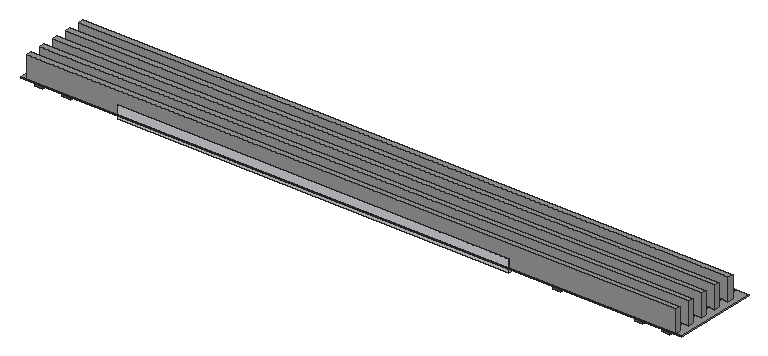
Revit family "1114-5, Veneer", category Generic Models, host Face, Revit 2020
Family settings
  Host = Face
  Can host rebar = No
  Round Connector Dimension = Use Diameter
  Part Type = Normal
  Cut with Voids When Loaded = No
  Shared = No
  Room Calculation Point = No
Parameters
  min_value [instance] = 1' - 11 1/4"  # constant formula
  max_value [instance] = 9' - 11 1/4"  # constant formula
  actual_value [instance] = if(NET LENGTH < min_value, min_value, if(NET LENGTH > max_value, max_value, NET LENGTH))  # 7' - 11 1/4"
  SCRIM MATERIAL [instance] = SCRIM
  SCRIM [instance] = yes
  NET LENGTH [instance] = 7' - 11 1/4"
  Default Elevation = 4' - 0"
  BACKER MATERIAL [instance] = BLACK-BACKERS
  .. MEMBER WIDTH [instance] = 0' - 0 3/4"  # constant formula
  .. MEMBER MATERIAL [instance] = Veneer Cherry
  .. MEMBER LENGTH [instance] = actual_value  # 7' - 11 1/4"
  .. MEMBER DEPTH [instance] = 0' - 3 1/4"  # constant formula
  .. MEMBER COUNT [instance] = 5  # constant formula
  IMPORTANT NOTE!!!                                                                             *Backer layout is for visualization purposes only, final layout to be determined by 9Wood. [instance] = ""
Reference planes (in)
  plane 1 "Center (Front/Back)": y = 0
  plane 2: z = 1.82209
  plane 3 "Center (Left/Right)": x = 0
Forms (in)
  Extrusion 1, solid
    sketch origin (132, -33.80483, 0) x (1, 0, 0) y (0, 1, 0)
      loop
        line (-118.625, 33.80483) -> (-61.26146, 33.80483) -> (-61.26146, 45.86733) -> (-118.625, 45.86733) -> (-118.625, 33.80483)
    from 1.82209 to 0
Dimensions and locks (in)
  aligned and locked: Extrusion 1 to plane 2
  aligned and locked: plane 3 "Center (Left/Right)" to nested 1
Nested families (in)
  nested 1: "1100 SERIES CONFIG" at (0, 2, 0), .. MEMBER DEPTH <- ".. MEMBER DEPTH", .. MEMBER LENGTH <- ".. MEMBER LENGTH", .. MEMBER WIDTH <- ".. MEMBER WIDTH", .. MEMBER MATERIAL <- ".. MEMBER MATERIAL", BACKING M MATERIAL <- "BACKER MATERIAL", SCRIM  MATERIAL <- "SCRIM MATERIAL", .. MEMBER COUNT <- ".. MEMBER COUNT", SCRIM <- "SCRIM", type "1100 SERIES CONFIG"
    with X 7' - 8", SCRIM OVERHANG 2 0' - 0 3/32", SCRIM OVERHANG 0' - 0 7/8", SCRIM LENGTH 8' - 1", SCRIM  MATERIAL SCRIM, SCRIM yes, NOMINAL LENGTH 7, N 8, Inset 6' - 0 3/8", INSET 0' - 1", INDEX 0' - 5 5/8", HALF MEMBER WIDTH 0' - 0 3/8", HALF LENGTH 3' - 11 5/8", END BACKER yes, BACKING M WIDTH 0' - 1 1/4", BACKING M OC SPACING 1' - 0", BACKING M MATERIAL BLACK-BACKERS, BACKING M LENGTH 0' - 11 7/8", BACKING M DEPTH 0' - 0 1/2", BACKING M COUNT 8, 3/16" INSET 0' - 0 3/16", .. MEMBER WIDTH 0' - 0 3/4", .. MEMBER OC SPACING 0' - 2.4", .. MEMBER MATERIAL Veneer Cherry, .. MEMBER LENGTH 7' - 11 1/4", .. MEMBER DEPTH 0' - 3 1/4", .. MEMBER COUNT 5
Definition of nested family "1100 SERIES CONFIG"
  Parameters (values of type "1100 SERIES CONFIG")
    X [instance] = .. MEMBER LENGTH - 0' 3 1/4"  # 5' - 5"
    SCRIM OVERHANG 2 [instance] = 0' - 0 3/32"  # constant formula
    SCRIM OVERHANG [instance] = 0' - 0 7/8"  # constant formula
    SCRIM LENGTH [instance] = .. MEMBER LENGTH + (SCRIM OVERHANG * 2)  # 5' - 10"
    SCRIM  MATERIAL [instance] = none
    SCRIM [instance] = yes
    NOMINAL LENGTH [instance] = 7
    N [instance] = if((X - (rounddown(X / 1' 0") * 1' 0")) > 1' 0", rounddown(X / 1' 0") + 2, rounddown(X / 1' 0") + 1)  # 6
    Inset [instance] = 6' - 0 3/8"  # constant formula
    INSET [instance] = 0' - 1"  # constant formula
    END BACKER [instance] = INDEX > 0' 3 5/8"  # yes
    INDEX [instance] = (.. MEMBER LENGTH - ((N - 1) * 1' 0")) / 2  # 0' - 4 1/8"
    HALF MEMBER WIDTH [instance] = .. MEMBER WIDTH / 2  # 0' - 0 5/16"
    HALF LENGTH [instance] = .. MEMBER LENGTH / 2  # 2' - 10 1/8"
    Default Elevation = 0' - 0"
    BACKING M WIDTH [instance] = 0' - 1 1/4"
    BACKING M SPACING = 3' - 3"
    BACKING M MATERIAL [instance] = none
    BACKING M LENGTH [instance] = 0' - 11 7/8"
    BACKING M DEPTH [instance] = 0' - 0 1/2"
    BACKING M COUNT [instance] = N  # 6
    BACKING M OC SPACING [instance] = 1' - 0"  # constant formula
    3/16" INSET [instance] = 0' - 0 3/16"  # constant formula
    .. MEMBER WIDTH [instance] = 0' - 0 5/8"
    .. MEMBER OC SPACING [instance] = 1' 0" / .. MEMBER COUNT  # 0' - 4"
    .. MEMBER MATERIAL [instance] = none
    .. MEMBER LENGTH [instance] = 5' - 8 1/4"
    .. MEMBER DEPTH [instance] = 0' - 1 3/8"
    .. MEMBER COUNT [instance] = 3
  Reference planes (in)
    plane 1 "Center (Front/Back)": y = -2
    plane 2: z = 0
    plane 3 "Center (Left/Right)": x = 0
    plane 4: x = 1
    plane 5: x = 4.125
    plane 6: x = 34.125
    plane 7: x = 68.25
    plane 8: x = 67.25
    plane 9: x = 16.125
    plane 10: y = -1.8125
    plane 11: y = -1.6875
    plane 12: y = 2.3125
    plane 13: x = 69.125
    plane 14: x = -0.875
    plane 15: z = 0.5
    plane 16: z = 0.5625
    plane 17: y = 10.0625
    plane 18: y = 10.15625
    plane 19: y = -2.09375
  Dimensions and locks (in)
    "INSET": plane 3 "Center (Left/Right)" to plane 4
    "INDEX": plane 3 "Center (Left/Right)" to plane 5
    "HALF LENGTH": plane 3 "Center (Left/Right)" to plane 6
    ".. MEMBER LENGTH": plane 3 "Center (Left/Right)" to plane 7
    "INSET": plane 8 to plane 7
    equal spacing: group 2, group 3, group 6, group 7, group 8, group 9  (x3)
    "3/16" INSET": plane 1 "Center (Front/Back)" to plane 10
    ".. MEMBER OC SPACING": plane 12 to plane 11
    "SCRIM OVERHANG": plane 14 to plane 3 "Center (Left/Right)"
    "SCRIM OVERHANG": plane 7 to plane 13
    equal spacing: group 1, group 4, group 5  (x2)
    equal spacing: group 5, group 4, group 1
    "HALF MEMBER WIDTH": plane 1 "Center (Front/Back)" to plane 11
    "BACKING M OC SPACING": plane 5 to plane 9
    "SCRIM OVERHANG 2": plane 18 to plane 17
    "SCRIM OVERHANG 2": plane 19 to plane 1 "Center (Front/Back)"
    aligned and locked: level to plane 2
    aligned and locked: plane 6 to nested 1
    aligned and locked: nested 2 to plane 4
    aligned and locked: plane 5 to nested 3
    aligned and locked: plane 1 "Center (Front/Back)" to nested 1
    aligned and locked: nested 2 to plane 10
    aligned and locked: nested 3 to plane 10
    aligned and locked: nested 5 to plane 10
    aligned and locked: nested 4 to plane 10
    aligned and locked: nested 6 to plane 14
    aligned and locked: plane 12 to nested 7
    aligned and locked: nested 7 to plane 3 "Center (Left/Right)"
    aligned and locked: plane 9 to nested 5
    aligned and locked: plane 8 to nested 4
    aligned and locked: plane 15 to nested 2
    aligned and locked: nested 6 to plane 15
    aligned and locked: nested 1 to plane 16
    aligned and locked: nested 7 to plane 16
    aligned and locked: nested 6 to plane 19
  Nested families (in)
    nested 1: "INSTANCE - Parametric Cube" at (34.125, -1.6875, 1.9375), Length <- ".. MEMBER WIDTH", Height <- ".. MEMBER DEPTH", Width <- ".. MEMBER LENGTH", Material <- ".. MEMBER MATERIAL", type "INSTANCE - Parametric Cube"
      with Width 5' - 8 1/4", Material none, Length 0' - 0 5/8", Height 0' - 1 3/8"
    nested 2: "2ND INSTANCE - Parametric Cube" at (1.625, 4.125, 0), Height <- "BACKING M DEPTH", Length <- "BACKING M LENGTH", Width <- "BACKING M WIDTH", Material <- "BACKING M MATERIAL", visible <- "END BACKER", type "2ND INSTANCE - Parametric Cube"
      with Width 0' - 1 1/4", Material none, Length 0' - 11 7/8", Height 0' - 0 1/2"
    nested 3: "2ND INSTANCE - Parametric Cube" at (4.125, 4.125, 0), Length <- "BACKING M LENGTH", Height <- "BACKING M DEPTH", Width <- "BACKING M WIDTH", Material <- "BACKING M MATERIAL", type "2ND INSTANCE - Parametric Cube"
      with Width 0' - 1 1/4", Material none, Length 0' - 11 7/8", Height 0' - 0 1/2"
    nested 4: "2ND INSTANCE - Parametric Cube" at (66.625, 4.125, 0), Width <- "BACKING M WIDTH", Length <- "BACKING M LENGTH", Height <- "BACKING M DEPTH", Material <- "BACKING M MATERIAL", visible <- "END BACKER", type "2ND INSTANCE - Parametric Cube"
      with Width 0' - 1 1/4", Material none, Length 0' - 11 7/8", Height 0' - 0 1/2"
    nested 5: "2ND INSTANCE - Parametric Cube" at (16.125, 4.125, 0), Length <- "BACKING M LENGTH", Height <- "BACKING M DEPTH", Width <- "BACKING M WIDTH", Material <- "BACKING M MATERIAL", type "2ND INSTANCE - Parametric Cube"
      with Width 0' - 1 1/4", Material none, Length 0' - 11 7/8", Height 0' - 0 1/2"
    nested 6: "3RD INSTANCE - Parametric Cube" at (34.125, 4.0445, 0.5), Width <- "SCRIM LENGTH", Material <- "SCRIM  MATERIAL", visible <- "SCRIM", type "3RD INSTANCE - Parametric Cube"
      with Width 5' - 10", Material none, Length 1' - 0.27649", Height 0' - 0 1/16"
    nested 7: "INSTANCE - Parametric Cube" at (34.125, 2.3125, 1.9375), Length <- ".. MEMBER WIDTH", Height <- ".. MEMBER DEPTH", Width <- ".. MEMBER LENGTH", Material <- ".. MEMBER MATERIAL", type "INSTANCE - Parametric Cube"
      with Width 5' - 8 1/4", Material none, Length 0' - 0 5/8", Height 0' - 1 3/8"
    nested 8: "INSTANCE - Parametric Cube" at (34.125, 6.3125, 1.9375), Length <- ".. MEMBER WIDTH", Height <- ".. MEMBER DEPTH", Width <- ".. MEMBER LENGTH", Material <- ".. MEMBER MATERIAL", type "INSTANCE - Parametric Cube"
      with Width 5' - 8 1/4", Material none, Length 0' - 0 5/8", Height 0' - 1 3/8"
    nested 9: "2ND INSTANCE - Parametric Cube" at (28.125, 4.125, 0), Length <- "BACKING M LENGTH", Height <- "BACKING M DEPTH", Width <- "BACKING M WIDTH", Material <- "BACKING M MATERIAL", type "2ND INSTANCE - Parametric Cube"
      with Width 0' - 1 1/4", Material none, Length 0' - 11 7/8", Height 0' - 0 1/2"
    nested 10: "2ND INSTANCE - Parametric Cube" at (40.125, 4.125, 0), Length <- "BACKING M LENGTH", Height <- "BACKING M DEPTH", Width <- "BACKING M WIDTH", Material <- "BACKING M MATERIAL", type "2ND INSTANCE - Parametric Cube"
      with Width 0' - 1 1/4", Material none, Length 0' - 11 7/8", Height 0' - 0 1/2"
    nested 11: "2ND INSTANCE - Parametric Cube" at (52.125, 4.125, 0), Length <- "BACKING M LENGTH", Height <- "BACKING M DEPTH", Width <- "BACKING M WIDTH", Material <- "BACKING M MATERIAL", type "2ND INSTANCE - Parametric Cube"
      with Width 0' - 1 1/4", Material none, Length 0' - 11 7/8", Height 0' - 0 1/2"
    nested 12: "2ND INSTANCE - Parametric Cube" at (64.125, 4.125, 0), Length <- "BACKING M LENGTH", Height <- "BACKING M DEPTH", Width <- "BACKING M WIDTH", Material <- "BACKING M MATERIAL", type "2ND INSTANCE - Parametric Cube"
      with Width 0' - 1 1/4", Material none, Length 0' - 11 7/8", Height 0' - 0 1/2"
  Definition of nested family "INSTANCE - Parametric Cube"
    Parameters (values of type "INSTANCE - Parametric Cube")
      Width [instance] = 0' - 6"
      Material [instance] = none
      Length [instance] = 1' - 0"
      Height [instance] = 1' - 6"
      Default Elevation = 0' - 0"
    Reference planes (in)
      plane 1 "Center (Front/Back)": y = 0
      plane 2: z = 0
      plane 3 "Center (Left/Right)": x = 0
      plane 4: x = -3
      plane 5: x = 3
      plane 6: y = 6
      plane 7: y = -6
      plane 8: z = -18
    Forms (in)
      Extrusion 1, solid, material <- "Material"
        sketch origin (0, 0, 0) x (1, 0, 0) y (0, 1, 0)
          loop
            line (-3, 6) -> (-3, -6) -> (3, -6) -> (3, 6) -> (-3, 6)
        from -18 to 0
    Dimensions and locks (in)
      equal spacing: plane 4, plane 3 "Center (Left/Right)", plane 5
      equal spacing: plane 6, plane 1 "Center (Front/Back)", plane 7
      "Length": plane 6 to plane 7
      "Width": plane 4 to plane 5
      "Height": plane 8 to level
      aligned and locked: plane 2 to level
      aligned and locked: Extrusion 1 sketch curve to plane 6
      aligned and locked: plane 4 to Extrusion 1 sketch curve
      aligned and locked: plane 7 to Extrusion 1 sketch curve
      aligned and locked: Extrusion 1 sketch curve to plane 5
      aligned and locked: Extrusion 1 to plane 8
  Definition of nested family "2ND INSTANCE - Parametric Cube"
    Parameters (values of type "2ND INSTANCE - Parametric Cube")
      Width [instance] = 0' - 6"
      Material [instance] = none
      Length [instance] = 1' - 0"
      Height [instance] = 1' - 6"
      Default Elevation = 0' - 0"
    Reference planes (in)
      plane 1 "Center (Front/Back)": y = 0
      plane 2: z = 0
      plane 3 "Center (Left/Right)": x = 0
      plane 4: x = -3
      plane 5: x = 3
      plane 6: y = 6
      plane 7: y = -6
      plane 8: z = 18
    Forms (in)
      Extrusion 1, solid, material <- "Material"
        sketch origin (0, 0, 0) x (1, 0, 0) y (0, 1, 0)
          loop
            line (-3, 6) -> (-3, -6) -> (3, -6) -> (3, 6) -> (-3, 6)
        from 0 to 18
    Dimensions and locks (in)
      equal spacing: plane 4, plane 3 "Center (Left/Right)", plane 5
      equal spacing: plane 6, plane 1 "Center (Front/Back)", plane 7
      "Length": plane 6 to plane 7
      "Width": plane 4 to plane 5
      "Height": level to plane 8
      aligned and locked: plane 2 to level
      aligned and locked: Extrusion 1 sketch curve to plane 6
      aligned and locked: plane 4 to Extrusion 1 sketch curve
      aligned and locked: plane 7 to Extrusion 1 sketch curve
      aligned and locked: Extrusion 1 sketch curve to plane 5
      aligned and locked: plane 8 to Extrusion 1
      aligned and locked: Extrusion 1 to level
  Definition of nested family "3RD INSTANCE - Parametric Cube"
    Parameters (values of type "3RD INSTANCE - Parametric Cube")
      Width [instance] = 0' - 6"
      Material [instance] = none
      Length [instance] = 1' - 0"
      Height [instance] = 1' - 6"
      Default Elevation = 0' - 0"
    Reference planes (in)
      plane 1 "Center (Front/Back)": y = 0
      plane 2: z = 0
      plane 3 "Center (Left/Right)": x = 0
      plane 4: x = -3
      plane 5: x = 3
      plane 6: y = 6
      plane 7: y = -6
      plane 8: z = 18
    Forms (in)
      Extrusion 1, solid, material <- "Material"
        sketch origin (0, 0, 0) x (1, 0, 0) y (0, 1, 0)
          loop
            line (-3, 6) -> (-3, -6) -> (3, -6) -> (3, 6) -> (-3, 6)
        from 0 to 18
    Dimensions and locks (in)
      equal spacing: plane 4, plane 3 "Center (Left/Right)", plane 5
      equal spacing: plane 6, plane 1 "Center (Front/Back)", plane 7
      "Length": plane 6 to plane 7
      "Width": plane 4 to plane 5
      "Height": level to plane 8
      aligned and locked: plane 2 to level
      aligned and locked: Extrusion 1 sketch curve to plane 6
      aligned and locked: plane 4 to Extrusion 1 sketch curve
      aligned and locked: plane 7 to Extrusion 1 sketch curve
      aligned and locked: Extrusion 1 sketch curve to plane 5
      aligned and locked: plane 8 to Extrusion 1
      aligned and locked: Extrusion 1 to level
